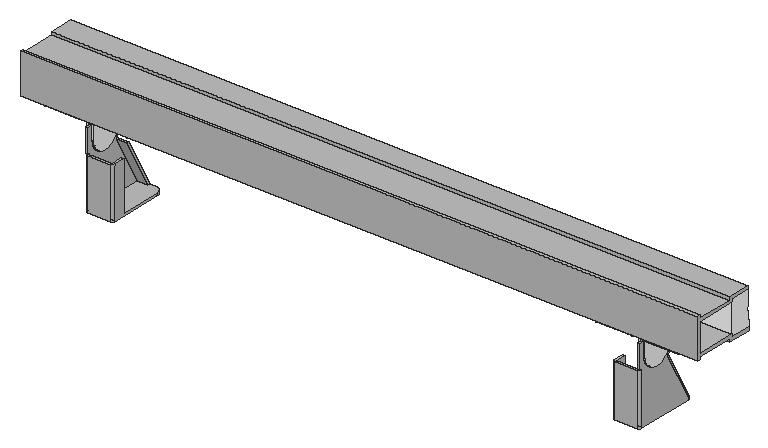
Revit family "4070749+4070746+4070771 Feilo Sylvania Lighting Fixture CURSUS 591MM 435LM OVAL LED 4K with CONTINUOUS WALL HOUSING with 70MM WALL BRACKET", category Lighting Fixtures, host Face, Revit 2017
Family settings
  Host = Face
  Round Connector Dimension = Use Diameter
  Part Type = Normal
  OmniClass Number = 23.80.70.14
  OmniClass Title = Luminaries for External Lighting
  Cut with Voids When Loaded = Yes
  Light Source = No
  Shared = No
  Room Calculation Point = No
Parameters (values of type "4070749 CURSUS 591MM 435LM OVAL LED 4K")
  Weight = "1.2 kg"
  Wattage Comments = "n/a"
  WarrantyStartDate [instance] = "n/a"
  WarrantyGuarantorParts = "n/a"
  WarrantyDurationUnit = "n/a"
  WarrantyDurationParts = "n/a"
  WarrantyDescription = "n/a"
  Voltage = 24 V
  URL = "http://www.sylvania-lighting.com"
  TypeName = "CURSUS 591MM 435LM OVAL LED 4K"
  TypeFixture_FEILO = CURSUS with CONTINUOUS WALL HOUSING : CURSUS 591MM 435LM OVAL LED 4K
  Type Image = <None>
  Type Comments = "n/a"
  TiltAngle [instance] = 0.00°
  StartAngle [instance] = TiltAngle + 270.00°  # 270.00°
  SerialNumber [instance] = "n/a"
  ReflectorMaterial = none
  PowerFactor = 0
  PowerConsumption = "9 W"
  NominalLength = 591 mm
  NominalHeight = 50 mm
  NominalDepth = 30 mm
  Name = "CURSUS 591MM 435LM OVAL LED 4K"
  ModelReference = Name  # "CURSUS 591MM 435LM OVAL LED 4K"
  ModelNumber = "4070749"
  Model = Name  # "CURSUS 591MM 435LM OVAL LED 4K"
  Material = "natural anodised extruded aluminium structure housing, optical system with pmma lenses diffuser"
  ManufacturerName = "Feilo Sylvania"
  Manufacturer = "Feilo Sylvania"
  LuminousEfficacy = "48.33 lm/W"
  LuminaireType = ""
  LightOutputRatio = "100"
  LampsType = Lamp  # "LED"
  LampNominalLuminous = "435 lm"
  LampMacAdamStep = "n/a"
  LampColourTemperature = "4000 K"
  LampColourRenderingIndex = "80"
  Lamp = "LED"
  Keynote = "16500"
  InstallationDate [instance] = "n/a"
  InputVoltage = "24V DC"
  InputNominalFrequency = "n/a"
  IngressProtection = "IP67"
  ImpactProtectionIndex = "IK07"
  IfcExportType = "IfcLightFixtureType"
  IfcExportAs = "IfcLightFixtureType"
  ExpectedLife = 50000
  EndAngle [instance] = StartAngle - 180.00°  # 90.00°
  ElectricShockClassification = "Class III"
  DurationUnit = "hours"
  DocumentationLiterature = "http://www.sylvania-lighting.com/product/en-int/products/4070749"
  DimmingControlOptions = "n/a"
  DiffuserMaterial = Diffuser-Sylvania-Glow
  Description = "LED Exterior Lighting Recessed Surface Mounted Linear Fixture, Natural anodised extruded aluminium structure. Die-cast aluminium end caps. Installation kit with harmonic steel springs., 435 lm, 9W, 48lm/W, 4000K, CRI80+,non dimmable,IP67, IK07, (HxWxD) 591x50x30mm, 3 step Mac Adam Ellipse, 1.2kg,, Classe III, 21-25V-DC, energy class : A++, A+, A"
  Default Elevation = 1219.2 mm
  CreatedOn = "1/8/2018"
  CreatedBy = ""
  Cost = 0
  built-in parameter 1114216 [instance] = (empty or 0)
  ClassificationValue = "EF_70_80"
  ClassificationName = "Uniclass2015"
  BracketWidth = 24 mm
  BracketThickness = 2 mm
  BracketHeightEnd = 32 mm
  BracketHeight = 55 mm
  BracketFlange = BracketHeight / 5  # 11 mm
  BracketExtension = 70 mm
  BracketEndReduction = 25 mm
  BracketC = 22 mm  # constant formula
  BracketDistance = 460 mm
  BracketD = BracketHeightEnd - (BracketC * (BracketHeight - BracketHeightEnd) / (BracketExtension - BracketEndReduction))  # 20.756 mm
  BodyMaterial = Body-Sylvania-Gray
  BarCode [instance] = "n/a"
  AssetType = "Fixed"
  AssetIdentifier [instance] = "n/a"
  Assembly Code = "D5020200"
  Apparent Load = 9 VA
  AccessoryMaterial = Diffuser-Sylvania-Glow
Reference planes
  plane 1 "Center (Front/Back)": y = 0
  plane 2: z = 0
  plane 3 "Center (Left/Right)": x = 0
  plane 4: x = -242
  plane 5: x = 242
  plane 6: y = 55
  plane 7: x = -218
  plane 8: x = 218
  plane 9: z = 70
  plane 10: z = 56
  plane 11: z = 2
  plane 12: z = 45
  plane 13: x = -240
  plane 14: y = 53
  plane 15: y = 2
  plane 16: x = -220
  plane 17: x = 220
  plane 18: x = 240
  plane 19: x = -230
  plane 20: x = 230
  plane 21: y = 11
  plane 22: y = 32
  plane 23: y = 30
  plane 24: z = 67
  plane 25: y = 20.756
  plane 26: y = 16
Forms (mm)
  Blend 1, solid, material "Body-Sylvania-Gray" <- "BodyMaterial"
    base sketch origin (1223.4, -4572, 2) x (0, -1, 0) y (1, 0, 0)
      loop
        line (-4625, -1453.4) -> (-4627, -1453.4) -> (-4627, -1463.4)
        arc (-4627, -1463.4) -> (-4626.414, -1464.814) -> (-4625, -1465.4) r 2
        line (-4625, -1465.4) -> (-4574, -1465.4)
        arc (-4574, -1465.4) -> (-4572.586, -1464.814) -> (-4572, -1463.4) r 2
        line (-4572, -1463.4) -> (-4572, -1443.4)
        arc (-4572, -1443.4) -> (-4572.586, -1441.986) -> (-4574, -1441.4) r 2
        line (-4574, -1441.4) -> (-4583, -1441.4) -> (-4583, -1443.4) -> (-4574, -1443.4) -> (-4574, -1463.4) -> (-4625, -1463.4) -> (-4625, -1453.4)
    top sketch origin (1223.4, -4572, 2) x (0, -1, 0) y (1, 0, 0)
      loop
        line (-4583, -1443.4) -> (-4574, -1443.4) -> (-4574, -1463.4) -> (-4602, -1463.4) -> (-4602, -1453.4) -> (-4604, -1453.4) -> (-4604, -1463.4)
        arc (-4604, -1463.4) -> (-4603.52, -1464.71) -> (-4602.309, -1465.4) r 2.028
        line (-4602.309, -1465.4) -> (-4574, -1465.4)
        arc (-4574, -1465.4) -> (-4572.586, -1464.814) -> (-4572, -1463.4) r 2
        line (-4572, -1463.4) -> (-4572, -1443.4)
        arc (-4572, -1443.4) -> (-4572.586, -1441.986) -> (-4574, -1441.4) r 2
        line (-4574, -1441.4) -> (-4583, -1441.4) -> (-4583, -1443.4)
    from 0 to 43
  Extrusion 2, solid, material "Body-Sylvania-Gray" <- "BodyMaterial"
    sketch origin (0, 0, 0) x (1, 0, 0) y (0, 1, 0)
      loop
        arc (-240, 55) -> (-241.414, 54.414) -> (-242, 53) r 2
        line (-242, 53) -> (-242, 2)
        arc (-242, 2) -> (-241.414, 0.586) -> (-240, 0) r 2
        line (-240, 0) -> (-220, 0)
        arc (-220, 0) -> (-218.586, 0.586) -> (-218, 2) r 2
        line (-218, 2) -> (-218, 47.5)
        arc (-218, 47.5) -> (-220.197, 52.803) -> (-225.5, 55) r 7.5
        line (-225.5, 55) -> (-240, 55)
      loop
        line (240, 55) -> (225.5, 55)
        arc (225.5, 55) -> (220.197, 52.803) -> (218, 47.5) r 7.5
        line (218, 47.5) -> (218, 2)
        arc (218, 2) -> (218.586, 0.586) -> (220, 0) r 2
        line (220, 0) -> (240, 0)
        arc (240, 0) -> (241.414, 0.586) -> (242, 2) r 2
        line (242, 2) -> (242, 53)
        arc (242, 53) -> (241.414, 54.414) -> (240, 55) r 2
    from 0 to 2
  Blend 3, solid, material "Body-Sylvania-Gray" <- "BodyMaterial"
    base sketch origin (1223.4, -4572, 2) x (0, -1, 0) y (1, 0, 0)
      loop
        line (-4625, -983.4) -> (-4574, -983.4) -> (-4574, -1003.4) -> (-4583, -1003.4) -> (-4583, -1005.4) -> (-4574, -1005.4)
        arc (-4574, -1005.4) -> (-4572.586, -1004.814) -> (-4572, -1003.4) r 2
        line (-4572, -1003.4) -> (-4572, -983.4)
        arc (-4572, -983.4) -> (-4572.586, -981.986) -> (-4574, -981.4) r 2
        line (-4574, -981.4) -> (-4625, -981.4)
        arc (-4625, -981.4) -> (-4626.414, -981.986) -> (-4627, -983.4) r 2
        line (-4627, -983.4) -> (-4627, -993.4) -> (-4625, -993.4) -> (-4625, -983.4)
    top sketch origin (1223.4, -4572, 2) x (0, -1, 0) y (1, 0, 0)
      loop
        line (-4602, -993.4) -> (-4602, -983.4) -> (-4574, -983.4) -> (-4574, -1003.4) -> (-4583, -1003.4) -> (-4583, -1005.4) -> (-4574, -1005.4)
        arc (-4574, -1005.4) -> (-4572.586, -1004.814) -> (-4572, -1003.4) r 2
        line (-4572, -1003.4) -> (-4572, -983.4)
        arc (-4572, -983.4) -> (-4572.586, -981.986) -> (-4574, -981.4) r 2
        line (-4574, -981.4) -> (-4602, -981.4)
        arc (-4602, -981.4) -> (-4603.414, -981.986) -> (-4604, -983.4) r 2
        line (-4604, -983.4) -> (-4604, -993.4) -> (-4602, -993.4)
    from 0 to 43
  Blend 4, solid, material "Body-Sylvania-Gray" <- "BodyMaterial"
    base sketch origin (1223.4, -4572, 45) x (0, -1, 0) y (1, 0, 0)
      loop
        line (-4604, -1465.4) -> (-4572, -1465.4) -> (-4572, -1463.4) -> (-4604, -1463.4) -> (-4604, -1465.4)
    top sketch origin (1223.4, -4572, 45) x (0, -1, 0) y (1, 0, 0)
      loop
        line (-4572, -1465.4) -> (-4572, -1463.4) -> (-4592.756, -1463.4) -> (-4592.756, -1465.4) -> (-4572, -1465.4)
    from 0 to 22
  Blend 5, solid, material "Body-Sylvania-Gray" <- "BodyMaterial"
    base sketch origin (1223.4, -4572, 45) x (0, -1, 0) y (1, 0, 0)
      loop
        line (-4604, -983.4) -> (-4572, -983.4) -> (-4572, -981.4) -> (-4604, -981.4) -> (-4604, -983.4)
    top sketch origin (1223.4, -4572, 45) x (0, -1, 0) y (1, 0, 0)
      loop
        line (-4572, -981.4) -> (-4592.756, -981.4) -> (-4592.756, -983.4) -> (-4572, -983.4) -> (-4572, -981.4)
    from 0 to 22
  Extrusion 6, void
    sketch origin (0, 0, 0) x (0, 1, 0) y (0, 0, 1)
      loop
        line (0, 45) -> (2, 45) -> (2, 46.5) -> (0, 46.5) -> (0, 45)
      loop
        line (32, 45) -> (32, 46.5) -> (30, 46.5) -> (30, 45) -> (32, 45)
    from -242 to 242
  Revolve 7, solid, not visible
    sketch origin (1524, 16, 1219.2) x (1, 0, 0) y (0, 0, 1)
      loop
        line (-1524, -1152.2) -> (-1524, -1163.2) -> (-1294, -1163.2) -> (-1294, -1152.2) -> (-1524, -1152.2)
      axis (-1294, -1163.2) -> (-1524, -1163.2)
    angle from 270 <- "StartAngle" to 90 <- "EndAngle"
Cuts and joins
  Extrusion 6 cuts Blend 4
  Extrusion 6 cuts Blend 5
  joined: Blend 1, Extrusion 2, Blend 3, Blend 4, Blend 5
Lines and regions (mm)
  reference lines, not visible
    curve 1: line (-218, 16, 56) -> (218, 16, 56)
Dimensions and locks
  equal spacing: plane 4, plane 3 "Center (Left/Right)", plane 5
  "BracketDistance": plane 19 to plane 20
  "BracketHeight": plane 1 "Center (Front/Back)" to plane 6
  equal spacing: plane 7, plane 3 "Center (Left/Right)", plane 8
  "BracketWidth": plane 4 to plane 7
  "BracketExtension": plane 9 to plane 2
  "BracketThickness": plane 11 to plane 2
  "BracketEndReduction": plane 9 to plane 12
  equal spacing: plane 13, plane 3 "Center (Left/Right)", plane 18
  equal spacing: plane 16, plane 3 "Center (Left/Right)", plane 17
  "BracketThickness": plane 4 to plane 13
  "BracketThickness": plane 16 to plane 7
  "BracketThickness": plane 14 to plane 6
  "BracketThickness": plane 1 "Center (Front/Back)" to plane 15
  equal spacing: plane 4, plane 19, plane 7
  equal spacing: plane 8, plane 20, plane 5
  "BracketFlange": plane 1 "Center (Front/Back)" to plane 21
  "BracketHeightEnd": plane 1 "Center (Front/Back)" to plane 22
  "BracketThickness": plane 23 to plane 22
  locked: Extrusion 2 sketch curve to plane 7 at 7.5
  locked: Extrusion 2 sketch curve to plane 6 at 7.5  (x2)
  locked: plane 8 to Extrusion 2 sketch curve at 7.5
  "BracketC": plane 24 to plane 12
  "BracketD": plane 1 "Center (Front/Back)" to plane 25
  locked: plane 12 to Extrusion 6 sketch curve at 1.5
  equal spacing: plane 24, plane 10, plane 12
  equal spacing: plane 1 "Center (Front/Back)", plane 26, plane 22
  aligned and locked: plane 2 to host face
  aligned and locked: level to host face
  aligned and locked: plane 4 to Blend 1 sketch curve  (x2)
  aligned and locked: plane 13 to Blend 1 sketch curve  (x3)
  aligned and locked: Blend 1 sketch curve to plane 15
  aligned and locked: Blend 1 sketch curve to plane 16
  aligned and locked: Blend 1 sketch curve to plane 21
  aligned and locked: plane 7 to Blend 1 sketch curve
  aligned and locked: plane 16 to Blend 1 sketch curve
  aligned and locked: plane 1 "Center (Front/Back)" to Blend 1 sketch curve
  aligned and locked: plane 14 to Blend 1 sketch curve
  aligned and locked: Blend 1 sketch curve to var sketch  (x6)
  aligned and locked: Blend 1 sketch curve to plane 19
  aligned and locked: Blend 1 sketch curve to plane 22
  aligned and locked: plane 23 to Blend 1 sketch curve
  aligned and locked: plane 11 to Blend 1
  aligned and locked: Extrusion 2 sketch curve to Blend 1  (x3)
  aligned and locked: Extrusion 2 to level
  aligned and locked: Extrusion 2 to plane 11
  aligned and locked: Extrusion 2 sketch curve to plane 7
  aligned and locked: plane 18 to Blend 3 sketch curve  (x4)
  aligned and locked: plane 14 to Blend 3 sketch curve  (x2)
  aligned and locked: Blend 3 sketch curve to plane 20
  aligned and locked: Blend 3 sketch curve to plane 6
  aligned and locked: plane 5 to Blend 3 sketch curve
  aligned and locked: plane 1 "Center (Front/Back)" to Blend 3 sketch curve
  aligned and locked: plane 15 to Blend 3 sketch curve  (x2)
  aligned and locked: Blend 3 sketch curve to plane 8
  aligned and locked: Blend 3 sketch curve to plane 21
  aligned and locked: plane 17 to Blend 3 sketch curve
  aligned and locked: Blend 3 sketch curve to plane 18
  aligned and locked: plane 20 to Blend 3 sketch curve  (x2)
  aligned and locked: Blend 3 sketch curve to plane 23
  aligned and locked: Blend 3 sketch curve to var sketch  (x8)
  aligned and locked: var sketch to Blend 3 sketch curve
  aligned and locked: plane 22 to Blend 3 sketch curve
  aligned and locked: plane 11 to Blend 3
  aligned and locked: Extrusion 2 sketch curve to Blend 3  (x4)
  aligned and locked: Blend 1 to plane 12
  aligned and locked: Blend 3 to plane 12
  aligned and locked: Blend 4 sketch curve to plane 22
  aligned and locked: Blend 4 sketch curve to cut or joined group of Blend 1, Extrusion 2, Blend 3, Blend 4, Blend 5, Extrusion 6  (x2)
  aligned and locked: cut or joined group of Blend 1, Extrusion 2, Blend 3, Blend 4, Blend 5, Extrusion 6 to Blend 4 sketch curve
  aligned and locked: Blend 4 sketch curve to var sketch  (x2)
  aligned and locked: Blend 4 sketch curve to plane 13
  aligned and locked: Blend 4 to plane 24
  aligned and locked: Blend 4 sketch curve to plane 25
  aligned and locked: Blend 5 sketch curve to plane 18  (x2)
  aligned and locked: plane 1 "Center (Front/Back)" to Blend 5 sketch curve
  aligned and locked: plane 5 to Blend 5 sketch curve
  aligned and locked: plane 22 to Blend 5 sketch curve
  aligned and locked: Blend 5 sketch curve to var sketch
  aligned and locked: var sketch to Blend 5 sketch curve
  aligned and locked: Blend 5 sketch curve to plane 25
  aligned and locked: Blend 5 to plane 24
  aligned and locked: plane 12 to Blend 5
  aligned and locked: Extrusion 6 sketch curve to cut or joined group of Blend 1, Extrusion 2, Blend 3, Blend 4, Blend 5, Extrusion 6  (x2)
  aligned and locked: Extrusion 6 sketch curve to Extrusion 6 sketch curve
  aligned and locked: Extrusion 6 sketch curve to plane 15
  aligned and locked: plane 5 to Extrusion 6
  aligned and locked: Extrusion 6 to plane 4
  aligned and locked: Extrusion 6 sketch curve to plane 23
  aligned and locked: Revolve 7 sketch curve to plane 10  (x2)
  aligned and locked: plane 24 to Revolve 7 sketch curve
  aligned and locked: plane 3 "Center (Left/Right)" to Revolve 7 sketch curve
  aligned and locked: Revolve 7 sketch curve to plane 20
  aligned and locked: plane 7 to curve 1
  aligned and locked: plane 10 to curve 1
  aligned and locked: nested 1 to plane 5
  aligned and locked: nested 2 to plane 4
  aligned and locked: nested 1 to curve 1
  aligned and locked: nested 2 to curve 1
  aligned and locked: nested 1 to nested 3
  aligned and locked: nested 3 to plane 3 "Center (Left/Right)"
Automatic sketch dimensions
  host sketch curve to host sketch curve = 2438.4 mm  (x2)
  Blend 1 sketch curve to plane 13 = 0 mm
  plane 15 to Blend 1 sketch curve = 0 mm  (x3)
  Blend 1 sketch curve to plane 23 = 0.309 mm
  plane 6 to Blend 1 sketch curve = 0 mm
  plane 14 to Blend 1 sketch curve = 0 mm
  Blend 1 sketch curve to plane 19 = 0 mm
  Blend 3 sketch curve to plane 17 = 0 mm
  Extrusion 6 sketch curve to plane 1 "Center (Front/Back)" = 0 mm
  plane 12 to Extrusion 6 sketch curve = 0 mm
  Revolve 7 sketch curve to plane 4 = 1153 mm
  plane 5 to Revolve 7 sketch curve = 1161.4 mm
  curve 1 to plane 8 = 0 mm
Nested families
  nested 1: "MountingPlate" at (241, 16, 56) x (-1, 0, 0) z (0, 0, 1), type "MountingPlate"
  nested 2: "MountingPlate" at (-241, 16, 56) x (-1, 0, 0) z (0, 0, 1), type "MountingPlate"
  nested 3: "CURSUS with CONTINUOUS WALL HOUSING" at (0, -4, 74) x (-1, 0, 0) z (0, 0, 1), type <- "TypeFixture_FEILO", type "CURSUS 591MM 435LM OVAL LED 4K"
    with WarrantyStartDate "n/a", SerialNumber "n/a", InstallationDate "n/a", EndCapRight no, EndCapLeft no, built-in parameter 1114216 (empty or 0), BarCode "n/a", AssetIdentifier "n/a"
Connectors
  electrical at (0, 0, 0), driven by "Voltage", driven by "Apparent Load", driven by "PowerFactor", driven by "Apparent Load"
    settings: index 1, voltage 24 V, apparent load 9 VA, apparent load phase1 9 VA, apparent load phase2 0 VA, apparent load phase3 0 VA, power factor 0, load classification "Other", number of poles 1, system type 30, power factor state 1, is connector primary yes, connector utility no, sub classification motor no, connector description ""
Definition of nested family "MountingPlate"
  Parameters (values of type "MountingPlate")
    URL = "http://www.feilosylvania.com"
    Type Comments = "n/a"
    ReflectorMaterial = none
    MountingPlateWidth = 76 mm
    MountingPlateThickness = 2 mm
    MountingPlateRadiusBack = 12 mm
    MountingPlateRadius = 3 mm
    MountingPlateHeight = 35 mm
    Model = "n/a"
    Manufacturer = "Feilo Sylvania"
    Keynote = "n/a"
    DiffuserMaterial = none
    Description = "n/a"
    Default Elevation = 1219.2 mm
    Cost = 0
    BodyMaterial = none
    Assembly Code = "n/a"
    AccessoryMaterial = none
  Reference planes
    plane 1 "Center (Front/Back)": y = 0
    plane 2: z = 0
    plane 3 "Center (Left/Right)": x = 0
    plane 4: x = -38
    plane 5: x = 38
    plane 6: y = 17.5
    plane 7: y = -17.5
    plane 8: x = -3
    plane 9: x = 3
    plane 10: z = 18
    plane 11: z = 16
    plane 12: y = 12.5
    plane 13: y = -12.5
    plane 14: x = -1
    plane 15: x = 1
    plane 16: z = -12.5
    plane 17: z = -14.5
  Forms (mm)
    Extrusion 1, solid
      sketch origin (1.653, 0, 0) x (1, 0, 0) y (0, 1, 0)
        loop
          line (-1219.2, 1219.2) -> (-1219.2, -1219.2) -> (1219.2, -1219.2) -> (1219.2, 1219.2) -> (-1219.2, 1219.2)
      from 0 to -304.8
    Extrusion 2, solid, material <- "BodyMaterial"
      sketch origin (1218.4, -4572, 16) x (0, -1, 0) y (-1, 0, 0)
        loop
          line (-4589.5, 1253.4) -> (-4589.5, 1224.4)
          arc (-4589.5, 1224.4) -> (-4588.621, 1222.279) -> (-4586.5, 1221.4) r 3
          line (-4586.5, 1221.4) -> (-4557.5, 1221.4)
          arc (-4557.5, 1221.4) -> (-4555.379, 1222.279) -> (-4554.5, 1224.4) r 3
          line (-4554.5, 1224.4) -> (-4554.5, 1253.4)
          arc (-4554.5, 1253.4) -> (-4555.379, 1255.521) -> (-4557.5, 1256.4) r 3
          line (-4557.5, 1256.4) -> (-4586.5, 1256.4)
          arc (-4586.5, 1256.4) -> (-4588.621, 1255.521) -> (-4589.5, 1253.4) r 3
        loop
          arc (-4589.5, 1183.4) -> (-4588.621, 1181.279) -> (-4586.5, 1180.4) r 3
          line (-4586.5, 1180.4) -> (-4557.5, 1180.4)
          arc (-4557.5, 1180.4) -> (-4555.379, 1181.279) -> (-4554.5, 1183.4) r 3
          line (-4554.5, 1183.4) -> (-4554.5, 1212.4)
          arc (-4554.5, 1212.4) -> (-4555.379, 1214.521) -> (-4557.5, 1215.4) r 3
          line (-4557.5, 1215.4) -> (-4586.5, 1215.4)
          arc (-4586.5, 1215.4) -> (-4588.621, 1214.521) -> (-4589.5, 1212.4) r 3
          line (-4589.5, 1212.4) -> (-4589.5, 1183.4)
      from 0 to -2
    Extrusion 3, solid, material <- "BodyMaterial"
      sketch origin (0, 0, 0) x (1, 0, 0) y (0, 0, 1)
        loop
          line (-3, 18) -> (-3, -12.5) -> (-1, -12.5) -> (-1, 16)
          arc (-1, 16) -> (-1.586, 17.414) -> (-3, 18) r 2
        loop
          line (3, -12.5) -> (3, 18)
          arc (3, 18) -> (1.586, 17.414) -> (1, 16) r 2
          line (1, 16) -> (1, -12.5) -> (3, -12.5)
      from -12.5 to 12.5
    Extrusion 4, void
      sketch origin (0, 0, 0) x (0, 1, 0) y (0, 0, 1)
        loop
          line (-12.5, -0.5) -> (-17.5, -0.5) -> (-17.5, -14.5) -> (-0.5, -14.5) -> (-0.5, -12.5)
          arc (-0.5, -12.5) -> (-8.985, -8.985) -> (-12.5, -0.5) r 12
        loop
          line (0.5, -12.5) -> (0.5, -14.5) -> (17.5, -14.5) -> (17.5, -0.5) -> (12.5, -0.5)
          arc (12.5, -0.5) -> (8.985, -8.985) -> (0.5, -12.5) r 12
      from -3 to 3
  Cuts and joins
    Extrusion 4 cuts Extrusion 2
    Extrusion 4 cuts Extrusion 3
    joined: Extrusion 2, Extrusion 3
  Lines and regions (mm)
    reference lines
      curve 1: line (-38, 0, 0) -> (38, 0, 0)
  Dimensions and locks
    equal spacing: plane 4, plane 3 "Center (Left/Right)", plane 5
    "MountingPlateWidth": plane 4 to plane 5
    equal spacing: plane 7, plane 1 "Center (Front/Back)", plane 6
    "MountingPlateHeight": plane 7 to plane 6
    equal spacing: plane 8, plane 3 "Center (Left/Right)", plane 9
    "MountingPlateHeight": plane 4 to plane 8
    locked: plane 10 to plane 2 at 18
    "MountingPlateThickness": plane 10 to plane 11
    equal spacing: plane 13, plane 1 "Center (Front/Back)", plane 12
    locked: plane 13 to plane 12 at 25
    "MountingPlateRadius": plane 4 to Extrusion 2 sketch curve  (x2)
    "MountingPlateRadius": Extrusion 2 sketch curve to plane 6  (x4)
    "MountingPlateRadius": Extrusion 2 sketch curve to plane 8  (x2)
    "MountingPlateRadius": plane 7 to Extrusion 2 sketch curve  (x4)
    "MountingPlateRadius": plane 9 to Extrusion 2 sketch curve  (x2)
    "MountingPlateRadius": Extrusion 2 sketch curve to plane 5  (x2)
    equal spacing: plane 15, plane 3 "Center (Left/Right)", plane 14
    "MountingPlateThickness": plane 14 to plane 8
    locked: plane 2 to plane 16 at 12.5
    locked: plane 17 to plane 16 at 2
    "MountingPlateRadiusBack": plane 13 to Extrusion 4 sketch curve
    "MountingPlateRadiusBack": plane 16 to Extrusion 4 sketch curve  (x2)
    "MountingPlateRadiusBack": Extrusion 4 sketch curve to plane 12
    aligned and locked: plane 2 to Extrusion 1
    aligned and locked: level to Extrusion 1
    aligned and locked: Extrusion 2 sketch curve to plane 6
    aligned and locked: Extrusion 2 sketch curve to plane 4
    aligned and locked: plane 7 to Extrusion 2 sketch curve
    aligned and locked: plane 8 to Extrusion 2 sketch curve
    aligned and locked: plane 6 to Extrusion 2 sketch curve
    aligned and locked: Extrusion 2 sketch curve to plane 5
    aligned and locked: Extrusion 2 sketch curve to plane 7
    aligned and locked: plane 9 to Extrusion 2 sketch curve
    aligned and locked: Extrusion 2 to plane 10
    aligned and locked: plane 11 to Extrusion 2
    aligned and locked: Extrusion 3 sketch curve to Extrusion 2  (x2)
    aligned and locked: plane 16 to Extrusion 3 sketch curve  (x2)
    aligned and locked: plane 14 to Extrusion 3 sketch curve
    aligned and locked: plane 9 to Extrusion 3 sketch curve
    aligned and locked: plane 15 to Extrusion 3 sketch curve
    aligned and locked: Extrusion 3 to plane 12
    aligned and locked: plane 13 to Extrusion 3
    aligned and locked: plane 17 to Extrusion 4 sketch curve  (x2)
    aligned and locked: Extrusion 4 sketch curve to plane 7
    aligned and locked: Extrusion 4 sketch curve to plane 6
    aligned and locked: plane 9 to Extrusion 4
    aligned and locked: Extrusion 4 to plane 8
    aligned and locked: plane 4 to curve 1
    aligned and locked: curve 1 to level
  Automatic sketch dimensions
    Extrusion 1 sketch curve to Extrusion 1 sketch curve = 2438.4 mm  (x2)
    Extrusion 3 sketch curve to plane 11 = 0 mm
    curve 1 to plane 5 = 0 mm
    Extrusion 4 sketch curve to plane 13 = 0 mm
    Extrusion 4 sketch curve to plane 12 = 0 mm
Definition of nested family "CURSUS with CONTINUOUS WALL HOUSING"
  Parameters (values of type "CURSUS 1161MM 827LM OVAL LED 3K")
    Width_FEILO = 35 mm
    Weight = "2.2 kg"
    Wattage Comments = "n/a"
    Wattage = 18 W
    WarrantyStartDate [instance] = "n/a"
    WarrantyGuarantorParts = "n/a"
    WarrantyDurationUnit = "n/a"
    WarrantyDurationParts = "n/a"
    WarrantyDescription = "n/a"
    WallThickness_FEILO = 2.5 mm
    built-in parameter 1150110 = 1 (stored number, unit not read)
    Voltage = 24 V
    URL = "http://www.feilosylvania.com"
    TypeName = "CURSUS 1161MM 827LM OVAL LED 3K"
    Type Image = (empty or 0)
    Type Comments = "n/a"
    built-in parameter 1114217 = 1 (stored number, unit not read)
    Tilt Angle = -90.00°
    built-in parameter 1150109 = 1 (stored number, unit not read)
    built-in parameter 1150134 = (empty or 0)
    built-in parameter 1150113 = 1 (stored number, unit not read)
    SerialNumber [instance] = "n/a"
    ReflectorMaterial = none
    PowerFactor = 0
    PowerConsumption = "18 W"
    Photometric Web File = "4070765.ies"
    NominalLength = 1161 mm
    NominalHeight = 50 mm
    NominalDepth = 30 mm
    Name = "CURSUS 1161MM 827LM OVAL LED 3K"
    ModelReference = Name  # "CURSUS 1161MM 827LM OVAL LED 3K"
    ModelNumber = ""
    Model = Name  # "CURSUS 1161MM 827LM OVAL LED 3K"
    Material = "natural anodised extruded aluminium structure housing, optical system with pmma lenses diffuser"
    ManufacturerName = "Feilo Sylvania"
    Manufacturer = "Feilo Sylvania"
    LuminousEfficacy = "45.94 lm/W"
    built-in parameter 1150105 = 65.811 (stored number, unit not read)
    Lumens = 827 lm
    LuminaireType = ""
    built-in parameter 1150115 = 1 (stored number, unit not read)
    LightOutputRatio = "100"
    built-in parameter 1150137 = (empty or 0)
    built-in parameter 1150139 = (empty or 0)
    Length_FEILO = 1167 mm
    LampsType = Lamp  # "LED"
    LampNominalLuminous = "827 lm"
    LampMacAdamStep = "n/a"
    LampColourTemperature = "3000 K"
    LampColourRenderingIndex = "80"
    built-in parameter 1150112 = 1 (stored number, unit not read)
    built-in parameter 1150114 = 1 (stored number, unit not read)
    Lamp = "LED"
    Keynote = "16500"
    InstallationDate [instance] = "n/a"
    InputVoltage = "24V DC"
    InputNominalFrequency = "n/a"
    built-in parameter 1150132 = (empty or 0)
    built-in parameter 1150102 = (empty or 0)
    built-in parameter 1150107 = 3000 (stored number, unit not read)
    built-in parameter 1150138 = (empty or 0)
    IngressProtection = "IP67"
    ImpactProtectionIndex = "IK07"
    built-in parameter 1150106 = 0.65811 (stored number, unit not read)
    IfcExportType = "IfcLightFixtureType"
    IfcExportAs = "IfcLightFixtureType"
    ExpectedLife = 50000
    EndCapRight [instance] = no
    EndCapLeft [instance] = no
    Emit from Rectangle Width = Width_FEILO - WallThickness_FEILO * 2  # 30 mm
    Emit from Rectangle Length = Length_FEILO - WallThickness_FEILO * 2  # 1162 mm
    Emit Shape Visible in Rendering = no
    ElectricShockClassification = "Class III"
    built-in parameter 1150104 = 4.2684 (stored number, unit not read)
    DurationUnit = "hours"
    DocumentationLiterature = "http://www.feilosylvania.com/product/en-int/products/4070765"
    DimmingControlOptions = "n/a"
    Dimming Lamp Color Temperature Shift = (empty or 0)
    DiffuserMaterial = none
    Description = "LED Exterior Lighting Recessed Surface Mounted Linear Fixture, Natural anodised extruded aluminium structure. Die-cast aluminium end caps. Installation kit with harmonic steel springs., 827 lm, 18W, 45lm/W, 3000K, CRI80+,non dimmable,IP67, IK07, (HxWxD) 1161x50x30mm, 3 step Mac Adam Ellipse, 2.2kg,, Classe III, 21-25V-DC, energy class : A++, A+, A"
    Default Elevation = 1219.2 mm
    CreatedOn = "1/8/2018"
    CreatedBy = "aron.fodor@feilosylvania.com"
    Cost = 0
    Color Filter = 16777215
    built-in parameter 1114216 [instance] = (empty or 0)
    ClassificationValue = "EF_70_80"
    ClassificationName = "Uniclass2015"
    BodyMaterial = none
    BarCode [instance] = "n/a"
    built-in parameter 1114218 = 1 (stored number, unit not read)
    built-in parameter 1150133 = 10 (stored number, unit not read)
    AssetType = "Fixed"
    AssetIdentifier [instance] = "n/a"
    Assembly Code = "D5020200"
    Apparent Load = 18 VA
    AccessoryMaterial = none
  Types (16, lengths in mm): name | Weight | Wattage | Voltage | TypeName | built-in parameter 1150134 | PowerConsumption | Photometric Web File | NominalLength | Name | ModelReference | Model | Material | LuminousEfficacy | built-in parameter 1150105 | Lumens | Length_FEILO | LampNominalLuminous | LampColourTemperature | InputVoltage | InputNominalFrequency | built-in parameter 1150107 | built-in parameter 1150106 | Emit from Rectangle Length | built-in parameter 1150104 | DocumentationLiterature | Description | Apparent Load
    CURSUS 1161MM 827LM OVAL LED 3K | "2.2 kg" | 18 W | 24 V | "CURSUS 1161MM 827LM OVAL LED 3K" | (empty or 0) | "18 W" | "4070765.ies" | 1161 | "CURSUS 1161MM 827LM OVAL LED 3K" | "CURSUS 1161MM 827LM OVAL LED 3K" | "CURSUS 1161MM 827LM OVAL LED 3K" | "natural anodised extruded aluminium structure housing, optical system with pmma lenses diffuser" | "45.94 lm/W" | 65.811 (stored number, unit not read) | 827 lm | 1167 | "827 lm" | "3000 K" | "24V DC" | "n/a" | 3000 (stored number, unit not read) | 0.65811 (stored number, unit not read) | 1162 | 4.2684 (stored number, unit not read) | "http://www.feilosylvania.com/product/en-int/products/4070765" | "LED Exterior Lighting Recessed Surface Mounted Linear Fixture, Natural anodised extruded aluminium structure. Die-cast aluminium end caps. Installation kit with harmonic steel springs., 827 lm, 18W, 45lm/W, 3000K, CRI80+,non dimmable,IP67, IK07, (HxWxD) 1161x50x30mm, 3 step Mac Adam Ellipse, 2.2kg,, Classe III, 21-25V-DC, energy class : A++, A+, A" | 18 VA
    CURSUS 1161MM 731LM WIDE LED 3K | "2.2 kg" | 18 W | 230 V | "CURSUS 1161MM 731LM WIDE LED 3K" | (empty or 0) | "18 W" | "4070764.ies" | 1161 | "CURSUS 1161MM 731LM WIDE LED 3K" | "CURSUS 1161MM 731LM WIDE LED 3K" | "CURSUS 1161MM 731LM WIDE LED 3K" | "natural anodised extruded aluminium structure housing" | "40.61 lm/W" | 58.171 (stored number, unit not read) | 731 lm | 1167 | "731 lm" | "3000 K" | "220-240V~" | "n/a" | 3000 (stored number, unit not read) | 0.58171 (stored number, unit not read) | 1162 | 3.7729 (stored number, unit not read) | "http://www.feilosylvania.com/product/en-int/products/4070764" | "LED Exterior Lighting Recessed Surface Mounted Linear Fixture, Natural anodised extruded aluminium structure. Die-cast aluminium end caps. Installation kit with harmonic steel springs., 731 lm, 18W, 40lm/W, 3000K, CRI80+,non dimmable,IP67, IK07, (HxWxD) 1161x50x30mm, 3 step Mac Adam Ellipse, 2.2kg,, Classe III, 21-25V-DC, energy class : A++, A+, A" | 18 VA
    CURSUS 1161MM 871LM OVAL LED 4K | "2.2 kg" | 18 W | 24 V | "CURSUS 1161MM 871LM OVAL LED 4K" | 12 | "18 W" | "4070763.ies" | 1161 | "CURSUS 1161MM 871LM OVAL LED 4K" | "CURSUS 1161MM 871LM OVAL LED 4K" | "CURSUS 1161MM 871LM OVAL LED 4K" | "natural anodised extruded aluminium structure housing, optical system with pmma lenses diffuser" | "48.38 lm/W" | 69.312 (stored number, unit not read) | 871 lm | 1167 | "871 lm" | "4000 K" | "24V DC" | "50/60 Hz" | 4000 (stored number, unit not read) | 0.69312 (stored number, unit not read) | 1162 | 4.4955 (stored number, unit not read) | "http://www.feilosylvania.com/product/en-int/products/4070763" | "LED Exterior Lighting Recessed Surface Mounted Linear Fixture, Natural anodised extruded aluminium structure. Die-cast aluminium end caps. Installation kit with harmonic steel springs., 871 lm, 18W,  48lm/W, 4000K, CRI80+,non dimmable,IP67, IK07, (HxWxD) 1161x50x30mm, 3 step Mac Adam Ellipse, 2.2kg,, Classe III, 21-25V-DC, energy class : A++, A+, A" | 18 VA
    CURSUS 1161MM 770LM WIDE LED 4K | "2.2 kg" | 18 W | 230 V | "CURSUS 1161MM 770LM WIDE LED 4K" | 12 | "18 W" | "4070762.ies" | 1161 | "CURSUS 1161MM 770LM WIDE LED 4K" | "CURSUS 1161MM 770LM WIDE LED 4K" | "CURSUS 1161MM 770LM WIDE LED 4K" | "natural anodised extruded aluminium structure housing" | "42.77 lm/W" | 61.275 (stored number, unit not read) | 770 lm | 1167 | "770 lm" | "4000 K" | "220-240V~" | "n/a" | 4000 (stored number, unit not read) | 0.61275 (stored number, unit not read) | 1162 | 3.9742 (stored number, unit not read) | "http://www.feilosylvania.com/product/en-int/products/4070762" | "LED Exterior Lighting Recessed Surface Mounted Linear Fixture, Natural anodised extruded aluminium structure. Die-cast aluminium end caps. Installation kit with harmonic steel springs., 770 lm, 18W,  42lm/W, 4000K, CRI80+,non dimmable,IP67, IK07, (HxWxD) 1161x50x30mm, 3 step Mac Adam Ellipse, 2.2kg,, Classe III, 21-25V-DC, energy class : A++, A+, A" | 18 VA
    CURSUS 876MM 620LM OVAL LED 3K | "1.7 kg" | 13.5 W | 24 V | "CURSUS 876MM 620LM OVAL LED 3K" | (empty or 0) | "13.5 W" | "4070758.ies" | 876 | "CURSUS 876MM 620LM OVAL LED 3K" | "CURSUS 876MM 620LM OVAL LED 3K" | "CURSUS 876MM 620LM OVAL LED 3K" | "natural anodised extruded aluminium structure housing, optical system with pmma lenses diffuser" | "45.92 lm/W" | 49.338 (stored number, unit not read) | 620 lm | 882 | "620 lm" | "3000 K" | "24V DC" | "50/60 Hz" | 3000 (stored number, unit not read) | 0.49338 (stored number, unit not read) | 877 | 4.2667 (stored number, unit not read) | "http://www.feilosylvania.com/product/en-int/products/4070758" | "LED Exterior Lighting Recessed Surface Mounted Linear Fixture, Natural anodised extruded aluminium structure. Die-cast aluminium end caps. Installation kit with harmonic steel springs., 620 lm, 13,5W, 45lm/W, 3000K, CRI80+,non dimmable,IP67, IK07, (HxWxD) 876x50x30mm, 3 step Mac Adam Ellipse, 1.7kg,, Classe III, 21-25V-DC, energy class : A++, A+, A" | 13.5 VA
    CURSUS 876MM 548LM WIDE LED 3K | "1.7 kg" | 13.5 W | 24 V | "CURSUS 876MM 548LM WIDE LED 3K" | (empty or 0) | "13.5 W" | "4070757.ies" | 876 | "CURSUS 876MM 548LM WIDE LED 3K" | "CURSUS 876MM 548LM WIDE LED 3K" | "CURSUS 876MM 548LM WIDE LED 3K" | "natural anodised extruded aluminium structure housing" | "40.59 lm/W" | 43.608 (stored number, unit not read) | 548 lm | 882 | "548 lm" | "3000 K" | "24V DC" | "n/a" | 3000 (stored number, unit not read) | 0.43608 (stored number, unit not read) | 877 | 3.7712 (stored number, unit not read) | "http://www.feilosylvania.com/product/en-int/products/4070757" | "LED Exterior Lighting Recessed Surface Mounted Linear Fixture, Natural anodised extruded aluminium structure. Die-cast aluminium end caps. Installation kit with harmonic steel springs., 548 lm, 13,5W, 40lm/W, 3000K, CRI80+,non dimmable,IP67, IK07, (HxWxD) 876x50x30mm, 3 step Mac Adam Ellipse, 1.7kg,, Classe III, 21-25V-DC, energy class : A++, A+, A" | 13.5 VA
    CURSUS 876MM 653LM OVAL LED 4K | "1.7 kg" | 13.5 W | 24 V | "CURSUS 876MM 653LM OVAL LED 4K" | 12 | "13.5 W" | "4070756.ies" | 876 | "CURSUS 876MM 653LM OVAL LED 4K" | "CURSUS 876MM 653LM OVAL LED 4K" | "CURSUS 876MM 653LM OVAL LED 4K" | "natural anodised extruded aluminium structure housing, optical system with pmma lenses diffuser" | "48.37 lm/W" | 51.964 (stored number, unit not read) | 653 lm | 882 | "653 lm" | "4000 K" | "24V DC" | "n/a" | 4000 (stored number, unit not read) | 0.51964 (stored number, unit not read) | 877 | 4.4938 (stored number, unit not read) | "http://www.feilosylvania.com/product/en-int/products/4070756" | "LED Exterior Lighting Recessed Surface Mounted Linear Fixture, Natural anodised extruded aluminium structure. Die-cast aluminium end caps. Installation kit with harmonic steel springs., 653 lm, 13,5W,  48lm/W, 4000K, CRI80+,non dimmable,IP67, IK07, (HxWxD) 876x50x30mm, 3 step Mac Adam Ellipse, 1.7kg,, Classe III, 21-25V-DC, energy class : A++, A+, A" | 13.5 VA
    CURSUS 876MM 577LM WIDE LED 4K | "1.7 kg" | 13.5 W | 24 V | "CURSUS 876MM 577LM WIDE LED 4K" | 12 | "13.5 W" | "4070755.ies" | 876 | "CURSUS 876MM 577LM WIDE LED 4K" | "CURSUS 876MM 577LM WIDE LED 4K" | "CURSUS 876MM 577LM WIDE LED 4K" | "natural anodised extruded aluminium structure housing" | "42.74 lm/W" | 45.916 (stored number, unit not read) | 577 lm | 882 | "577 lm" | "4000 K" | "24V DC" | "n/a" | 4000 (stored number, unit not read) | 0.45916 (stored number, unit not read) | 877 | 3.9707 (stored number, unit not read) | "http://www.feilosylvania.com/product/en-int/products/4070755" | "LED Exterior Lighting Recessed Surface Mounted Linear Fixture, Natural anodised extruded aluminium structure. Die-cast aluminium end caps. Installation kit with harmonic steel springs., 577 lm, 13,5W,  42lm/W, 4000K, CRI80+,non dimmable,IP67, IK07, (HxWxD) 876x50x30mm, 3 step Mac Adam Ellipse, 1.7kg,, Classe III, 21-25V-DC, energy class : A++, A+, A" | 13.5 VA
    CURSUS 591MM 414LM OVAL LED 3K | "1.2 kg" | 9 W | 24 V | "CURSUS 591MM 414LM OVAL LED 3K" | (empty or 0) | "9 W" | "4070751.ies" | 591 | "CURSUS 591MM 414LM OVAL LED 3K" | "CURSUS 591MM 414LM OVAL LED 3K" | "CURSUS 591MM 414LM OVAL LED 3K" | "natural anodised extruded aluminium structure housing, optical system with pmma lenses diffuser" | "46 lm/W" | 32.945 (stored number, unit not read) | 414 lm | 597 | "414 lm" | "3000 K" | "24V DC" | "n/a" | 3000 (stored number, unit not read) | 0.32945 (stored number, unit not read) | 592 | 4.2735 (stored number, unit not read) | "http://www.feilosylvania.com/product/en-int/products/4070751" | "LED Exterior Lighting Recessed Surface Mounted Linear Fixture, Natural anodised extruded aluminium structure. Die-cast aluminium end caps. Installation kit with harmonic steel springs., 414 lm, 9W, 46lm/W, 3000K, CRI80+,non dimmable,IP67, IK07, (HxWxD) 591x50x30mm, 3 step Mac Adam Ellipse, 1.2kg,, Classe III, 21-25V-DC, energy class : A++, A+, A" | 9 VA
    CURSUS 591MM 365LM WIDE LED 3K | "1.2 kg" | 9 W | 24 V | "CURSUS 591MM 365LM WIDE LED 3K" | (empty or 0) | "9 W" | "4070750.ies" | 591 | "CURSUS 591MM 365LM WIDE LED 3K" | "CURSUS 591MM 365LM WIDE LED 3K" | "CURSUS 591MM 365LM WIDE LED 3K" | "natural anodised extruded aluminium structure housing" | "40.55 lm/W" | 29.046 (stored number, unit not read) | 365 lm | 597 | "365 lm" | "3000 K" | "24V DC" | "n/a" | 3000 (stored number, unit not read) | 0.29046 (stored number, unit not read) | 592 | 3.7677 (stored number, unit not read) | "http://www.feilosylvania.com/product/en-int/products/4070750" | "LED Exterior Lighting Recessed Surface Mounted Linear Fixture, Natural anodised extruded aluminium structure. Die-cast aluminium end caps. Installation kit with harmonic steel springs., 365 lm, 9W, 40lm/W, 3000K, CRI80+,non dimmable,IP67, IK07, (HxWxD) 591x50x30mm, 3 step Mac Adam Ellipse, 1.2kg,, Classe III, 21-25V-DC, energy class : A++, A+, A" | 9 VA
    CURSUS 591MM 435LM OVAL LED 4K | "1.2 kg" | 9 W | 24 V | "CURSUS 591MM 435LM OVAL LED 4K" | 12 | "9 W" | "4070749.ies" | 591 | "CURSUS 591MM 435LM OVAL LED 4K" | "CURSUS 591MM 435LM OVAL LED 4K" | "CURSUS 591MM 435LM OVAL LED 4K" | "natural anodised extruded aluminium structure housing, optical system with pmma lenses diffuser" | "48.33 lm/W" | 34.616 (stored number, unit not read) | 435 lm | 597 | "435 lm" | "4000 K" | "24V DC" | "n/a" | 4000 (stored number, unit not read) | 0.34616 (stored number, unit not read) | 592 | 4.4903 (stored number, unit not read) | "http://www.feilosylvania.com/product/en-int/products/4070749" | "LED Exterior Lighting Recessed Surface Mounted Linear Fixture, Natural anodised extruded aluminium structure. Die-cast aluminium end caps. Installation kit with harmonic steel springs., 435 lm, 9W, 48lm/W, 4000K, CRI80+,non dimmable,IP67, IK07, (HxWxD) 591x50x30mm, 3 step Mac Adam Ellipse, 1.2kg,, Classe III, 21-25V-DC, energy class : A++, A+, A" | 9 VA
    CURSUS 591MM 385LM WIDE LED 4K | "1.2 kg" | 9 W | 24 V | "CURSUS 591MM 385LM WIDE LED 4K" | 12 | "9 W" | "4070748.ies" | 591 | "CURSUS 591MM 385LM WIDE LED 4K" | "CURSUS 591MM 385LM WIDE LED 4K" | "CURSUS 591MM 385LM WIDE LED 4K" | "natural anodised extruded aluminium structure housing" | "42.77 lm/W" | 30.637 (stored number, unit not read) | 385 lm | 597 | "385 lm" | "4000 K" | "24V DC" | "n/a" | 4000 (stored number, unit not read) | 0.30637 (stored number, unit not read) | 592 | 3.9742 (stored number, unit not read) | "http://www.feilosylvania.com/product/en-int/products/4070748" | "LED Exterior Lighting Recessed Surface Mounted Linear Fixture, Natural anodised extruded aluminium structure. Die-cast aluminium end caps. Installation kit with harmonic steel springs., 385 lm, 9W,  42lm/W, 4000K, CRI80+,non dimmable,IP67, IK07, (HxWxD) 591x50x30mm, 3 step Mac Adam Ellipse, 1.2kg,, Classe III, 21-25V-DC, energy class : A++, A+, A" | 9 VA
    CURSUS 306MM 207LM OVAL LED3K | "0.6 kg" | 4.5 W | 24 V | "CURSUS 306MM 207LM OVAL LED3K" | (empty or 0) | "4.5 W" | "4070744.ies" | 306 | "CURSUS 306MM 207LM OVAL LED3K" | "CURSUS 306MM 207LM OVAL LED3K" | "CURSUS 306MM 207LM OVAL LED3K" | "natural anodised extruded aluminium structure housing, optical system with pmma lenses diffuser" | "46 lm/W" | 16.473 (stored number, unit not read) | 207 lm | 312 | "207 lm" | "3000 K" | "24V DC" | "n/a" | 3000 (stored number, unit not read) | 0.16473 (stored number, unit not read) | 307 | 4.2735 (stored number, unit not read) | "http://www.feilosylvania.com/product/en-int/products/4070744" | "LED Exterior Lighting Recessed Surface Mounted Linear Fixture, Natural anodised extruded aluminium structure. Die-cast aluminium end caps. Installation kit with harmonic steel springs., 207 lm, 4,5W, 46lm/W, 3000K, CRI80+,non dimmable,IP67, IK07, (HxWxD) 306x50x30mm, 3 step Mac Adam Ellipse, 0.6kg,, Classe III, 21-25V-DC, energy class : A++, A+, A" | 4.5 VA
    CURSUS 306MM 183LM WIDE LED 3K | "0.6 kg" | 4.5 W | 24 V | "CURSUS 306MM 183LM WIDE LED 3K" | (empty or 0) | "4.5 W" | "4070743.ies" | 306 | "CURSUS 306MM 183LM WIDE LED 3K" | "CURSUS 306MM 183LM WIDE LED 3K" | "CURSUS 306MM 183LM WIDE LED 3K" | "natural anodised extruded aluminium structure housing" | "40.66 lm/W" | 14.563 (stored number, unit not read) | 183 lm | 312 | "183 lm" | "3000 K" | "24V DC" | "n/a" | 3000 (stored number, unit not read) | 0.14563 (stored number, unit not read) | 307 | 3.7781 (stored number, unit not read) | "http://www.feilosylvania.com/product/en-int/products/4070743" | "LED Exterior Lighting Recessed Surface Mounted Linear Fixture, Natural anodised extruded aluminium structure. Die-cast aluminium end caps. Installation kit with harmonic steel springs., 183 lm, 4,5W, 40lm/W, 3000K, CRI80+,non dimmable,IP67, IK07, (HxWxD) 306x50x30mm, 3 step Mac Adam Ellipse, 0.6kg,, Classe III, 21-25V-DC, energy class : A++, A+, A" | 4.5 VA
    CURSUS 306MM 218LM OVAL LED 4K | "0.6 kg" | 4.5 W | 24 V | "CURSUS 306MM 218LM OVAL LED 4K" | 12 | "4.5 W" | "4070742.ies" | 306 | "CURSUS 306MM 218LM OVAL LED 4K" | "CURSUS 306MM 218LM OVAL LED 4K" | "CURSUS 306MM 218LM OVAL LED 4K" | "natural anodised extruded aluminium structure housing, optical system with pmma lenses diffuser" | "48.44 lm/W" | 17.348 (stored number, unit not read) | 218 lm | 312 | "218 lm" | "4000 K" | "24V DC" | "n/a" | 4000 (stored number, unit not read) | 0.17348 (stored number, unit not read) | 307 | 4.5006 (stored number, unit not read) | "http://www.feilosylvania.com/product/en-int/products/4070742" | "LED Exterior Lighting Recessed Surface Mounted Linear Fixture, Natural anodised extruded aluminium structure. Die-cast aluminium end caps. Installation kit with harmonic steel springs., 218 lm, 4,5W,  48lm/W, 4000K, CRI80+,non dimmable,IP67, IK07, (HxWxD) 306x50x30mm, 3 step Mac Adam Ellipse, 0.6kg,, Classe III, 21-25V-DC, energy class : A++, A+, A" | 4.5 VA
    CURSUS 306MM 192LM WIDE LED 4K | "0.6 kg" | 4.5 W | 24 V | "CURSUS 306MM 192LM WIDE LED 4K" | 12 | "4.5 W" | "4070741.ies" | 306 | "CURSUS 306MM 192LM WIDE LED 4K" | "CURSUS 306MM 192LM WIDE LED 4K" | "CURSUS 306MM 192LM WIDE LED 4K" | "natural anodised extruded aluminium structure housing" | "42.66 lm/W" | 15.279 (stored number, unit not read) | 192 lm | 312 | "192 lm" | "4000 K" | "24V DC" | "n/a" | 4000 (stored number, unit not read) | 0.15279 (stored number, unit not read) | 307 | 3.9639 (stored number, unit not read) | "http://www.feilosylvania.com/product/en-int/products/4070741" | "LED Exterior Lighting Recessed Surface Mounted Linear Fixture, Natural anodised extruded aluminium structure. Die-cast aluminium end caps. Installation kit with harmonic steel springs., 192 lm, 4,5W,  42lm/W, 4000K, CRI80+,non dimmable,IP67, IK07, (HxWxD) 306x50x30mm, 3 step Mac Adam Ellipse, 0.6kg,, Classe III, 21-25V-DC, energy class : A++, A+, A" | 4.5 VA
  Reference planes
    plane 1 "Center (Front/Back)": y = 0
    plane 2: z = 0
    plane 3 "Center (Left/Right)": x = 0
    plane 4: x = 583.5
    plane 5: x = -583.5
    plane 6: x = -581
    plane 7: x = 581
    plane 8: z = 35
    plane 9: z = 17.5
    plane 10: z = 32.5
    plane 11: z = 2.5
    plane 12: z = 30
    plane 13: z = 5
    plane 14: y = -55
    plane 15: y = -53
    plane 16: y = -2.5
    plane 17: y = -37
    plane 18: y = -34.5
  Forms (mm)
    Extrusion 1, solid
      sketch origin (4.2, 0, 0) x (1, 0, 0) y (0, 1, 0)
        loop
          line (-1219.2, 1219.2) -> (-1219.2, -1219.2) -> (1219.2, -1219.2) -> (1219.2, 1219.2) -> (-1219.2, 1219.2)
      from 0 to -304.8
    Extrusion 2, solid, material <- "BodyMaterial"
      sketch origin (0, 0, 0) x (0, 1, 0) y (0, 0, 1)
        loop
          line (0, 35) -> (-2.5, 35) -> (-2.5, 32.5) -> (-34.5, 32.5) -> (-34.5, 35) -> (-55, 35) -> (-55, 32.5) -> (-37, 32.5) -> (-37, 30) -> (-2.5, 30) -> (-2.5, 5) -> (-37, 5) -> (-37, 2.5) -> (-55, 2.5) -> (-55, 0) -> (-34.5, 0) -> (-34.5, 2.5) -> (-2.5, 2.5) -> (-2.5, 0) -> (0, 0) -> (0, 35)
      from -581 to 581
    Extrusion 3, solid, material <- "DiffuserMaterial"
      sketch origin (0, 0, 0) x (0, 1, 0) y (0, 0, 1)
        loop
          line (-37, 32.5) -> (-55, 32.5) -> (-55, 19.5) -> (-53, 17.5) -> (-55, 15.5) -> (-55, 2.5) -> (-37, 2.5) -> (-37, 32.5)
      from -581 to 581
    Extrusion 4, solid, material <- "BodyMaterial", visible <- "EndCapRight"
      sketch origin (581, 1524, 1219.2) x (0, 1, 0) y (0, 0, 1)
        loop
          line (-1579, -1184.2) -> (-1579, -1219.2) -> (-1524, -1219.2) -> (-1524, -1184.2) -> (-1579, -1184.2)
      from 0 to 2.5
    Extrusion 5, solid, material <- "BodyMaterial", visible <- "EndCapLeft"
      sketch origin (-581, 1524, 1219.2) x (0, 1, 0) y (0, 0, 1)
        loop
          line (-1579, -1184.2) -> (-1579, -1219.2) -> (-1524, -1219.2) -> (-1524, -1184.2) -> (-1579, -1184.2)
      from -2.5 to 0
  Dimensions and locks
    equal spacing: plane 5, plane 3 "Center (Left/Right)", plane 4
    "Length_FEILO": plane 5 to plane 4
    equal spacing: plane 6, plane 3 "Center (Left/Right)", plane 7
    "WallThickness_FEILO": plane 5 to plane 6
    locked: plane 9 to plane 2 at 17.5
    locked: plane 8 to plane 2 at 35
    equal spacing: plane 11, plane 9, plane 10
    equal spacing: plane 13, plane 9, plane 12
    "WallThickness_FEILO": plane 12 to plane 10
    locked: plane 14 to plane 15 at 2
    locked: plane 14 to plane 17 at 18
    "WallThickness_FEILO": plane 17 to plane 18
    "WallThickness_FEILO": plane 16 to plane 1 "Center (Front/Back)"
    locked: plane 15 to Extrusion 3 sketch curve (angle 45.00°)
    locked: Extrusion 3 sketch curve to plane 15 (angle 45.00°)
    aligned and locked: plane 2 to Extrusion 1
    aligned and locked: level to Extrusion 1
    aligned and locked: plane 1 "Center (Front/Back)" to Extrusion 2 sketch curve
    aligned and locked: Extrusion 2 sketch curve to plane 8  (x2)
    aligned and locked: plane 16 to Extrusion 2 sketch curve
    aligned and locked: Extrusion 1 to Extrusion 2 sketch curve
    aligned and locked: Extrusion 2 sketch curve to plane 16  (x2)
    aligned and locked: Extrusion 2 sketch curve to plane 11
    aligned and locked: plane 18 to Extrusion 2 sketch curve
    aligned and locked: level to Extrusion 2 sketch curve
    aligned and locked: plane 11 to Extrusion 2 sketch curve
    aligned and locked: Extrusion 2 sketch curve to plane 17
    aligned and locked: plane 13 to Extrusion 2 sketch curve
    aligned and locked: Extrusion 2 sketch curve to plane 12
    aligned and locked: plane 10 to Extrusion 2 sketch curve  (x2)
    aligned and locked: plane 17 to Extrusion 2 sketch curve  (x2)
    aligned and locked: plane 12 to Extrusion 2 sketch curve
    aligned and locked: Extrusion 2 sketch curve to plane 10
    aligned and locked: Extrusion 2 sketch curve to plane 18
    aligned and locked: plane 7 to Extrusion 2
    aligned and locked: Extrusion 2 to plane 6
    aligned and locked: Extrusion 3 sketch curve to Extrusion 2  (x4)
    aligned and locked: Extrusion 2 to Extrusion 3 sketch curve
    aligned and locked: plane 9 to Extrusion 3 sketch curve
    aligned and locked: plane 7 to Extrusion 3
    aligned and locked: Extrusion 3 to plane 6
    aligned and locked: Extrusion 4 sketch curve to Extrusion 2  (x4)
    aligned and locked: plane 4 to Extrusion 4
    aligned and locked: Extrusion 4 to plane 7
    aligned and locked: Extrusion 5 sketch curve to Extrusion 4  (x3)
    aligned and locked: Extrusion 5 sketch curve to Extrusion 2
    aligned and locked: Extrusion 5 to plane 5
    aligned and locked: plane 6 to Extrusion 5
    aligned and locked: plane 14 to imposter light
    aligned and locked: imposter light to plane 9
    aligned and locked: plane 3 "Center (Left/Right)" to imposter light
  Automatic sketch dimensions
    Extrusion 1 sketch curve to Extrusion 1 sketch curve = 2438.4 mm  (x2)
    Extrusion 2 sketch curve to plane 14 = 0 mm  (x2)
    Extrusion 3 sketch curve to plane 15 = 0 mm
  Connectors
    electrical at (0, 0, 0), driven by "Apparent Load", driven by "PowerFactor", driven by "Voltage"
      settings: index 1, voltage 24 V, apparent load 18 VA, apparent load phase1 0 VA, apparent load phase2 0 VA, apparent load phase3 0 VA, power factor 0, load classification none, number of poles 1, system type 30, power factor state 1, is connector primary yes, connector utility no, sub classification motor no, connector description ""
